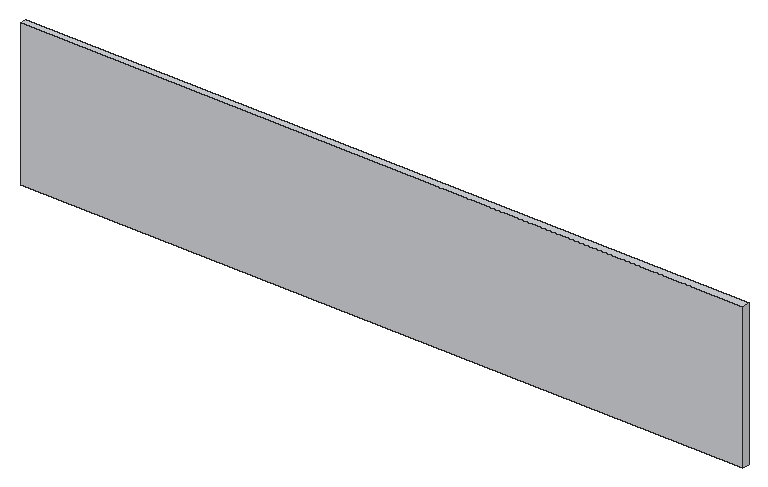
Revit family "Top Fascia", category Casework, Revit 2016
Family settings
  OmniClass Number = 23.40.35.00
  OmniClass Title = Casework
  Work Plane-Based = No
  Always vertical = Yes
  Cut with Voids When Loaded = No
  Shared = No
  Room Calculation Point = No
Parameters (values of type "LW20TF5")
  WarrantyGuarantorParts = "www.bisley.com"  # constant formula
  WarrantyGuarantorLabour = "www.bisley.com"  # constant formula
  WarrantyDurationUnit = "Years"  # constant formula
  WarrantyDurationParts = "5"  # constant formula
  WarrantyDurationLabour = "5"  # constant formula
  WarrantyDescription = "5 Years Parts & Labour"  # constant formula
  Uniclass2015Version = "3.1"  # constant formula
  Uniclass2015Title = "Lockers"  # constant formula
  Uniclass2015Code = "Pr_40_30_78_48"  # constant formula
  URL = "www.bisley.com"
  SustainabilityPerformance = "FSC Approved"  # constant formula
  SerialNumber = ""
  NominalWidth = Width  # 2000 mm
  NominalLength = Depth  # 18 mm
  NominalHeight = Height  # 400 mm
  Name = "Top Fascia Panel"  # constant formula
  NBSReference = "45-35-80/380"  # constant formula
  NBSDescription = "General fittings, furnishings and equipment system"  # constant formula
  ModelReference = "LW20TF5"
  Model = "Abode"  # constant formula
  Material = "MFC"  # constant formula
  ManufacturerURL = "www.bisley.com"  # constant formula
  Manufacturer = "Bisley"  # constant formula
  ManufactureName = "Bisley"  # constant formula
  Finish = "Matt"  # constant formula
  DurationUnit = "Years"  # constant formula
  Depth = 18 mm
  Height = 400 mm
  Width = 2000 mm
  Carcass Material = "MFC"  # constant formula
  Author = "Bisley"  # constant formula
  AssetType = "Fixed"  # constant formula
Types (3, lengths in mm): name | NominalWidth | NominalHeight | ModelReference | Height | Width
  (no name) | 2000 | 400 | "LW20TF5" | 400 | 2000
  LW20TF5 | 2000 | 400 | "LW20TF5" | 400 | 2000
  LW25TF5 | 2500 | 500 | "LW25TF5" | 500 | 2500
Reference planes
  plane 1 "Back": y = 0
  plane 2: z = 0
  plane 3 "Center (Left/Right)": x = 44.7
  plane 4 "Front": y = -18
  plane 5 "Left": x = -955.3
  plane 6 "Right": x = 1044.7
  plane 7 "Top": z = 400
Forms (mm)
  Extrusion 1, solid, not visible
    sketch origin (-1691.73, 346.204, -12) x (1, 0, 0) y (0, 0, 1)
      loop
        line (48, 12) -> (56, 12) -> (56, 20) -> (48, 20) -> (48, 12)
    from 0 to 26
  Extrusion 2, solid, not visible
    sketch origin (-1683.73, 346.204, -12) x (-1, 0, 0) y (0, 0, -1)
      loop
        line (48, -12) -> (48, -20) -> (56, -20) -> (56, -12) -> (48, -12)
    from 0 to 26
  Extrusion 3, solid, not visible
    sketch origin (-1687.73, 350.204, -3.997) x (0, 1, 0) y (0, 0, 1)
      loop
        line (-26, 3.997) -> (-26, 11.997) -> (-34, 11.997) -> (-34, 3.997) -> (-26, 3.997)
    from -52 to 52
  Extrusion 4, solid
    sketch origin (0, 0, 0) x (1, 0, 0) y (0, 1, 0)
      loop
        line (-955.3, -18) -> (1044.7, -18) -> (1044.7, 0) -> (-955.3, 0) -> (-955.3, -18)
    from 0 to 400
Dimensions and locks
  "Width": plane 6 "Right" to plane 5 "Left"
  equal spacing: plane 6 "Right", plane 3 "Center (Left/Right)", plane 5 "Left"
  "Depth": plane 4 "Front" to plane 1 "Back"
  "Height": level to plane 7 "Top"
  aligned and locked: level to plane 2
  aligned and locked: plane 4 "Front" to Extrusion 4 sketch curve
  aligned and locked: Extrusion 4 sketch curve to plane 5 "Left"
  aligned and locked: Extrusion 4 sketch curve to plane 1 "Back"
  aligned and locked: plane 6 "Right" to Extrusion 4 sketch curve
  aligned and locked: Extrusion 4 to level
  aligned and locked: Extrusion 4 to plane 7 "Top"
Automatic sketch dimensions
  Extrusion 1 sketch curve to Extrusion 1 sketch curve = 8 mm  (x2)
  Extrusion 2 sketch curve to Extrusion 2 sketch curve = 8 mm  (x2)
  Extrusion 3 sketch curve to Extrusion 3 sketch curve = 8 mm  (x2)
